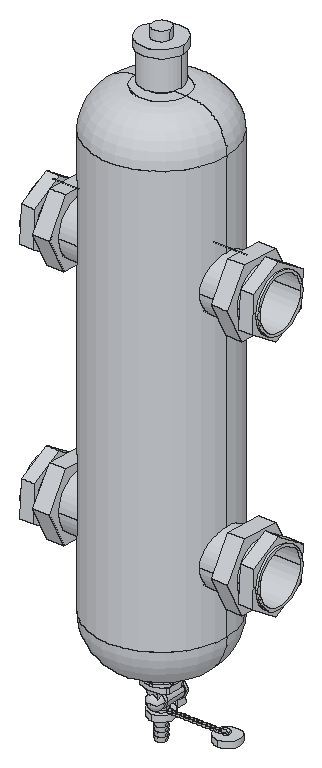
Revit family "Magnetic Dirt-Separator - R146IY005", category Plumbing Fixtures, Revit 2015
Reference planes
  plane 1 "Center (Front/Back)": y = 0
  plane 2: z = 0
  plane 3 "Center (Left/Right)": x = 0
  plane 4: z = 167
  plane 5: x = 59
  plane 6: x = -106.5
  plane 7: x = 106.5
  plane 8: x = 27.082
  plane 9: x = -27.082
  plane 10: z = 572
  plane 11: x = -59
  plane 12: z = 387
  plane 13: y = 27.082
  plane 14: y = -27.082
  plane 15: y = -59
  plane 16: y = 64
  plane 17: y = 27.082
  plane 18: y = -27.082
Forms (mm)
  Revolve 1, solid
    sketch origin (0, 0, 3) x (1, 0, 0) y (0, 0, 1)
      loop
        line (-59, 485.473) -> (-59, 99.691)
        arc (-59, 99.691) -> (-48, 71.623) -> (-20.858, 58.503) r 41.31
        line (-20.858, 58.503) -> (0, 58.503) -> (0, 521.312) -> (-23.161, 521.312)
        arc (-23.161, 521.312) -> (-48.503, 510.815) -> (-59, 485.473) r 35.839
      axis (0, 521.312) -> (0, 58.503)
    angle from 0 to 360
  Extrusion 2, solid
    sketch origin (0, 0, 564) x (1, 0, 0) y (0, 1, 0)
      loop
        circle (0, 0) r 8
    from 0 to 8
  Revolve 3, solid
    sketch origin (0, 0, 0) x (1, 0, 0) y (0, 0, 1)
      loop
        line (-5.119, 19.706) -> (-4.304, 15.76) -> (-5.119, 15.76) -> (-4.304, 11.814) -> (-5.119, 11.814) -> (-4.304, 7.868) -> (-5.119, 7.868) -> (-4.304, 3.922) -> (-5.119, 3.922) -> (-4.309, 0) -> (0, 0) -> (0, 19.706) -> (-5.119, 19.706)
      axis (0, 19.706) -> (0, 0)
    angle from 0 to 360
  Extrusion 4, solid
    sketch origin (0, 0, 51.5) x (0, -1, 0) y (1, 0, 0)
      loop
        line (-9.899, 9.899) -> (-13.523, -3.623) -> (-3.623, -13.523) -> (9.899, -9.899) -> (13.523, 3.623) -> (3.623, 13.523) -> (-9.899, 9.899)
    from -0.912 to 11.088
  Extrusion 5, solid
    sketch origin (0, 0, 43.706) x (0, -1, 0) y (1, 0, 0)
      loop
        circle (0, 0) r 11.105
      loop
        line (-8.942, -11.82) -> (-6.943, -13.221)
        arc (-6.943, -13.221) -> (0, -12.964) -> (6.943, -13.221) r 93.963
        line (6.943, -13.221) -> (8.942, -11.82)
        arc (8.942, -11.82) -> (11.789, 0) -> (8.942, 11.82) r 25.966
        line (8.942, 11.82) -> (6.943, 13.221)
        arc (6.943, 13.221) -> (0, 12.964) -> (-6.943, 13.221) r 93.963
        line (-6.943, 13.221) -> (-8.942, 11.82)
        arc (-8.942, 11.82) -> (-11.789, 0) -> (-8.942, -11.82) r 25.966
    from 0 to 5
  Extrusion 6, solid
    sketch origin (0, 0, 19.706) x (0, -1, 0) y (1, 0, 0)
      loop
        circle (0, 0) r 11
    from 0 to 4.971
  Extrusion 7, solid
    sketch origin (0, 0, 44.706) x (0, -1, 0) y (1, 0, 0)
      loop
        circle (0, 0) r 13
    from 4 to 6
  Extrusion 8, solid
    sketch origin (59.562, 0, 19.677) x (0, -1, 0) y (1, 0, 0)
      loop
        circle (0, 0) r 11
    from 0 to 5
  Extrusion 9, solid
    sketch origin (0, 10.938, -134.258) x (1, 0, 0) y (0, 0, -1)
      loop
        circle (0, -167.996) r 7.5
    from -13.595 to 5.209
  Revolve 10, solid
    sketch origin (0, -2.656, 33.727) x (0, -1, 0) y (1, 0, 0)
      loop
        line (0, 7.5) -> (0, 0) -> (10.635, 0)
        arc (10.635, 0) -> (8.319, 5.314) -> (2.95, 7.5) r 7.687
        line (2.95, 7.5) -> (0, 7.5)
      axis (0, 0) -> (10.635, 0)
    angle from 0 to 360
  Extrusion 11, solid
    sketch origin (0, 0, 14.706) x (-1, 0, 0) y (0, -1, 0)
      loop
        circle (0, 0) r 5.119
    from 9.971 to 16.528
  Revolve 12, solid
    sketch origin (0, 16.384, 33.727) x (0, 1, 0) y (-1, 0, 0)
      loop
        line (0.632, -8.291) -> (2.722, -8.291)
        arc (2.722, -8.291) -> (3.657, -4.191) -> (4.004, 0) r 29.769
        line (4.004, 0) -> (-1.726, 0) -> (-1.726, -5.865) -> (2.031, -5.865) -> (2.031, -7.491) -> (0.632, -7.491) -> (0.632, -8.291)
      axis (-1.726, 0) -> (4.004, 0)
    angle from 0 to 360
  Extrusion 13, solid
    sketch origin (4.688, 0, 0) x (0, -1, 0) y (0, 0, 1)
      loop
        line (11.329, 43.706) -> (-11.171, 43.706)
        arc (-11.171, 43.706) -> (-9.919, 40.677) -> (-9.876, 37.399) r 8.706
        line (-9.876, 37.399) -> (10.033, 37.399)
        arc (10.033, 37.399) -> (10.077, 40.677) -> (11.329, 43.706) r 8.706
    from -0.08 to 9.224
  Extrusion 14, solid
    sketch origin (1, 0, 0) x (0, -1, 0) y (0, 0, 1)
      loop
        line (-17.015, 42.013) -> (-17.015, 44.152) -> (-25.165, 44.152)
        arc (-25.165, 44.152) -> (-25.684, 43.831) -> (-25.628, 43.224) r 0.579
        line (-25.628, 43.224) -> (-20.328, 34.998)
        arc (-20.328, 34.998) -> (-19.907, 38.541) -> (-19.091, 42.013) r 31.634
        line (-19.091, 42.013) -> (-17.015, 42.013)
      loop
        line (-17.017, 25.437) -> (-19.084, 25.437)
        arc (-19.084, 25.437) -> (-19.905, 28.921) -> (-20.328, 32.476) r 31.634
        line (-20.328, 32.476) -> (-26.147, 19.717)
        arc (-26.147, 19.717) -> (-26.054, 18.428) -> (-24.921, 17.809) r 1.348
        line (-24.921, 17.809) -> (-17.017, 17.809) -> (-17.017, 25.437)
    from 0 to 2
  Extrusion 15, solid
    sketch origin (0, 0, 24.677) x (1, 0, 0) y (0, 1, 0)
      loop
        arc (9.667, 0.599) -> (7.817, 2.01) -> (5.874, 0.731) r 2.011
        arc (5.874, 0.731) -> (-0.366, 5.908) -> (-5.919, 0) r 5.919
        arc (-5.919, 0) -> (-0.366, -5.908) -> (5.874, -0.731) r 5.919
        arc (5.874, -0.731) -> (7.817, -2.01) -> (9.667, -0.599) r 2.011
        arc (9.667, -0.599) -> (11.587, -2.011) -> (13.506, -0.599) r 2.011
        arc (13.506, -0.599) -> (15.426, -2.011) -> (17.346, -0.599) r 2.011
        arc (17.346, -0.599) -> (19.265, -2.011) -> (21.185, -0.599) r 2.011
        arc (21.185, -0.599) -> (23.104, -2.011) -> (25.024, -0.599) r 2.011
        arc (25.024, -0.599) -> (26.944, -2.011) -> (28.863, -0.599) r 2.011
        arc (28.863, -0.599) -> (30.783, -2.011) -> (32.702, -0.599) r 2.011
        arc (32.702, -0.599) -> (34.622, -2.011) -> (36.541, -0.599) r 2.011
        arc (36.541, -0.599) -> (38.461, -2.011) -> (40.381, -0.599) r 2.011
        arc (40.381, -0.599) -> (42.3, -2.011) -> (44.22, -0.599) r 2.011
        arc (44.22, -0.599) -> (46.139, -2.011) -> (48.059, -0.599) r 2.011
        arc (48.059, -0.599) -> (49.979, -2.011) -> (51.898, -0.599) r 2.011
        arc (51.898, -0.599) -> (53.818, -2.011) -> (55.737, -0.599) r 2.011
        arc (55.737, -0.599) -> (57.96, -1.988) -> (59.668, 0) r 2.011
        arc (59.668, 0) -> (57.96, 1.988) -> (55.737, 0.599) r 2.011
        arc (55.737, 0.599) -> (53.818, 2.011) -> (51.898, 0.599) r 2.011
        arc (51.898, 0.599) -> (49.979, 2.011) -> (48.059, 0.599) r 2.011
        arc (48.059, 0.599) -> (46.139, 2.011) -> (44.22, 0.599) r 2.011
        arc (44.22, 0.599) -> (42.3, 2.011) -> (40.381, 0.599) r 2.011
        arc (40.381, 0.599) -> (38.461, 2.011) -> (36.541, 0.599) r 2.011
        arc (36.541, 0.599) -> (34.622, 2.011) -> (32.702, 0.599) r 2.011
        arc (32.702, 0.599) -> (30.783, 2.011) -> (28.863, 0.599) r 2.011
        arc (28.863, 0.599) -> (26.944, 2.011) -> (25.024, 0.599) r 2.011
        arc (25.024, 0.599) -> (23.104, 2.011) -> (21.185, 0.599) r 2.011
        arc (21.185, 0.599) -> (19.265, 2.011) -> (17.346, 0.599) r 2.011
        arc (17.346, 0.599) -> (15.426, 2.011) -> (13.506, 0.599) r 2.011
        arc (13.506, 0.599) -> (11.587, 2.011) -> (9.667, 0.599) r 2.011
      loop
        circle (7.748, 0) r 1.828
      loop
        circle (11.587, 0) r 1.828
      loop
        circle (15.426, 0) r 1.828
      loop
        circle (19.265, 0) r 1.828
      loop
        circle (23.104, 0) r 1.828
      loop
        circle (26.944, 0) r 1.828
      loop
        circle (30.783, 0) r 1.828
      loop
        circle (34.622, 0) r 1.828
      loop
        circle (38.461, 0) r 1.828
      loop
        circle (42.3, 0) r 1.828
      loop
        circle (46.139, 0) r 1.828
      loop
        circle (49.979, 0) r 1.828
      loop
        circle (53.818, 0) r 1.828
      loop
        circle (0, 0) r 5.119
      loop
        circle (57.657, 0) r 1.828
    from 0 to 1
  Extrusion 16, solid
    sketch origin (-1.905, 0, -3.024) x (1, 0, 0) y (0, 0, 1)
      loop
        line (55.828, 28.935) -> (63.295, 28.935) -> (63.295, 30.576)
        arc (63.295, 30.576) -> (59.562, 31.656) -> (55.828, 30.576) r 6.992
        line (55.828, 30.576) -> (55.828, 28.935)
      loop
        arc (62.495, 30.585) -> (59.562, 30.853) -> (56.628, 30.585) r 16.148
        line (56.628, 30.585) -> (56.628, 29.735) -> (62.495, 29.735) -> (62.495, 30.585)
    from -1.539 to 1.47
  Extrusion 17, solid
    sketch origin (59.562, 0, 27.373) x (0, -1, 0) y (1, 0, 0)
      loop
        circle (0, -1.905) r 1.5
    from -3.516 to -1.461
  Extrusion 18, solid
    sketch origin (-37.5, 0, 243.737) x (0, 1, 0) y (0, 0, -1)
      loop
        circle (0, -143.263) r 25
    from -144 to 69
  Extrusion 19, void
    sketch origin (0, 0, 220) x (0, 1, 0) y (0, 0, 1)
      loop
        circle (0, 167) r 23
    from -201.156 to 225
  Extrusion 20, void
    sketch origin (0, 0, 0) x (1, 0, 0) y (0, 0, 1)
      loop
        circle (0, 387) r 14
    from -70.955 to -15
  Extrusion 21, solid
    sketch origin (0, 0, 0) x (1, 0, 0) y (0, 0, -1)
      loop
        circle (0, -387) r 14
      loop
        circle (0, -387) r 16
    from 16.772 to 64
  Extrusion 22, solid
    sketch origin (-37.5, 0, 23.737) x (0, 1, 0) y (0, 0, -1)
      loop
        circle (0, -143.263) r 25
    from -144 to 69
  Extrusion 23, void
    sketch origin (0, 0, 0) x (0, 1, 0) y (0, 0, 1)
      loop
        circle (0, 167) r 23
    from -201.156 to 225
  Extrusion 24, solid
    sketch origin (104, 0, 0) x (0, 1, 0) y (0, 0, -1)
      loop
        line (1.642, -418.335) -> (27.958, -401.245) -> (26.316, -369.91) -> (-1.642, -355.665) -> (-27.958, -372.755) -> (-26.316, -404.09) -> (1.642, -418.335)
      loop
        circle (0, -387) r 25
    from 0 to 12
  Extrusion 25, solid
    sketch origin (87.5, 0, 0) x (0, 1, 0) y (0, 0, -1)
      loop
        line (-15.727, -417.865) -> (18.867, -416.052) -> (34.594, -385.187) -> (15.727, -356.135) -> (-18.867, -357.948) -> (-34.594, -388.813) -> (-15.727, -417.865)
      loop
        circle (0, -387) r 25
    from 0 to 15
  Extrusion 26, solid
    sketch origin (0, 0, 557) x (1, 0, 0) y (0, 1, 0)
      loop
        circle (0, 0) r 20
    from 0 to 7
  Extrusion 27, solid
    sketch origin (0, 0, 538.505) x (1, 0, 0) y (0, 1, 0)
      loop
        circle (0, 0) r 18
    from -9.505 to 18.495
  Extrusion 28, solid
    sketch origin (0, 0, 524) x (1, 0, 0) y (0, 1, 0)
      loop
        circle (0, 0) r 11
    from 0 to 5
  Extrusion 29, solid
    sketch origin (-104, 0, 0) x (0, 1, 0) y (0, 0, 1)
      loop
        line (1.642, 418.335) -> (-26.316, 404.09) -> (-27.958, 372.755) -> (-1.642, 355.665) -> (26.316, 369.91) -> (27.958, 401.245) -> (1.642, 418.335)
      loop
        circle (0, 387) r 25
    from 0 to 12
  Extrusion 30, solid
    sketch origin (-87.5, 0, 0) x (0, 1, 0) y (0, 0, 1)
      loop
        line (-15.727, 417.865) -> (-34.594, 388.813) -> (-18.867, 357.948) -> (15.727, 356.135) -> (34.594, 385.187) -> (18.867, 416.052) -> (-15.727, 417.865)
      loop
        circle (0, 387) r 25
    from 0 to 15
  Extrusion 31, solid
    sketch origin (104, 0, -220) x (0, 1, 0) y (0, 0, -1)
      loop
        line (1.642, -418.335) -> (27.958, -401.245) -> (26.316, -369.91) -> (-1.642, -355.665) -> (-27.958, -372.755) -> (-26.316, -404.09) -> (1.642, -418.335)
      loop
        circle (0, -387) r 25
    from 0 to 12
  Extrusion 32, solid
    sketch origin (87.5, 0, -220) x (0, 1, 0) y (0, 0, -1)
      loop
        line (-15.727, -417.865) -> (18.867, -416.052) -> (34.594, -385.187) -> (15.727, -356.135) -> (-18.867, -357.948) -> (-34.594, -388.813) -> (-15.727, -417.865)
      loop
        circle (0, -387) r 25
    from 0 to 15
  Extrusion 33, solid
    sketch origin (-104, 0, -220) x (0, 1, 0) y (0, 0, 1)
      loop
        line (1.642, 418.335) -> (-26.316, 404.09) -> (-27.958, 372.755) -> (-1.642, 355.665) -> (26.316, 369.91) -> (27.958, 401.245) -> (1.642, 418.335)
      loop
        circle (0, 387) r 25
    from 0 to 12
  Extrusion 34, solid
    sketch origin (-87.5, 0, -220) x (0, 1, 0) y (0, 0, 1)
      loop
        line (-15.727, 417.865) -> (-34.594, 388.813) -> (-18.867, 357.948) -> (15.727, 356.135) -> (34.594, 385.187) -> (18.867, 416.052) -> (-15.727, 417.865)
      loop
        circle (0, 387) r 25
    from 0 to 15
Cuts and joins
  Extrusion 19, Extrusion 20, Extrusion 23 cuts Revolve 1
  Extrusion 19, Extrusion 23 cuts Extrusion 18
  Extrusion 23 cuts Extrusion 22
Dimensions and locks
  plane 2 to plane 4 = 167 mm
  equal spacing: plane 6, plane 3 "Center (Left/Right)", plane 7
  plane 6 to plane 7 = 213 mm
  plane 2 to plane 10 = 572 mm
  plane 4 to plane 12 = 220 mm
  plane 12 to plane 10 = 185 mm
  plane 1 "Center (Front/Back)" to plane 16 = 64 mm
  plane 15 to plane 1 "Center (Front/Back)" = 59 mm
  plane 15 to plane 16 = 123 mm
  aligned and locked: level to plane 2
Automatic sketch dimensions
  plane 1 "Center (Front/Back)" to Extrusion 2 sketch curve = 0 mm
  Extrusion 2 sketch curve to plane 3 "Center (Left/Right)" = 0 mm
  Revolve 3 sketch curve to level = 0 mm  (x2)
  Revolve 3 sketch curve to plane 3 "Center (Left/Right)" = 0 mm  (x2)
  Revolve 3 sketch curve to plane 3 "Center (Left/Right)" = 4.304 mm  (x2)
  Revolve 3 sketch curve to Revolve 3 sketch curve = 0 mm  (x3)
  Revolve 3 sketch curve to Revolve 3 sketch curve = 0.005 mm
  Revolve 3 sketch curve to Revolve 3 sketch curve = 0.815 mm  (x4)
  level to Revolve 3 sketch curve = 3.922 mm
  Revolve 3 sketch curve to Revolve 3 sketch curve = 3.946 mm  (x4)
  Revolve 3 sketch curve to level = 13.856 mm
  Extrusion 4 sketch curve to plane 3 "Center (Left/Right)" = 3.623 mm
  Extrusion 4 sketch curve to plane 1 "Center (Front/Back)" = 13.523 mm
  Extrusion 4 sketch curve to plane 1 "Center (Front/Back)" = 9.899 mm
  Extrusion 4 sketch curve to plane 1 "Center (Front/Back)" = 3.623 mm
  plane 1 "Center (Front/Back)" to Extrusion 4 sketch curve = 3.623 mm
  plane 1 "Center (Front/Back)" to Extrusion 4 sketch curve = 9.899 mm
  plane 3 "Center (Left/Right)" to Extrusion 4 sketch curve = 3.623 mm
  plane 1 "Center (Front/Back)" to Extrusion 4 sketch curve = 13.523 mm
  Extrusion 4 sketch curve to plane 3 "Center (Left/Right)" = 9.899 mm
  Extrusion 4 sketch curve to plane 3 "Center (Left/Right)" = 13.523 mm
  plane 3 "Center (Left/Right)" to Extrusion 4 sketch curve = 9.899 mm
  plane 3 "Center (Left/Right)" to Extrusion 4 sketch curve = 13.523 mm
  Extrusion 5 sketch curve to plane 3 "Center (Left/Right)" = 0 mm  (x3)
  plane 1 "Center (Front/Back)" to Extrusion 5 sketch curve = 0 mm  (x3)
  Extrusion 5 sketch curve to plane 1 "Center (Front/Back)" = 6.943 mm  (x2)
  Extrusion 5 sketch curve to Extrusion 5 sketch curve = 2 mm  (x4)
  Extrusion 5 sketch curve to Extrusion 5 sketch curve = 5.235 mm  (x2)
  plane 1 "Center (Front/Back)" to Extrusion 5 sketch curve = 6.943 mm  (x2)
  Extrusion 5 sketch curve to plane 3 "Center (Left/Right)" = 11.82 mm  (x2)
  Extrusion 5 sketch curve to Extrusion 5 sketch curve = 1.4 mm  (x2)
  plane 6 to Extrusion 5 sketch curve = 0.427 mm
  Extrusion 5 sketch curve to plane 7 = 0.427 mm
  plane 1 "Center (Front/Back)" to Extrusion 6 sketch curve = 0 mm
  Extrusion 6 sketch curve to plane 3 "Center (Left/Right)" = 0 mm
  plane 1 "Center (Front/Back)" to Extrusion 7 sketch curve = 0 mm
  Extrusion 7 sketch curve to plane 3 "Center (Left/Right)" = 0 mm
  plane 1 "Center (Front/Back)" to Extrusion 8 sketch curve = 0 mm
  plane 5 to Extrusion 8 sketch curve = 0.562 mm
  Extrusion 9 sketch curve to plane 3 "Center (Left/Right)" = 0 mm
  level to Extrusion 9 sketch curve = 33.737 mm
  Revolve 10 sketch curve to plane 3 "Center (Left/Right)" = 0 mm  (x2)
  plane 1 "Center (Front/Back)" to Revolve 10 sketch curve = 2.656 mm
  Revolve 10 sketch curve to plane 3 "Center (Left/Right)" = 0.187 mm
  Revolve 10 sketch curve to Revolve 10 sketch curve = 2.95 mm
  Revolve 10 sketch curve to Revolve 10 sketch curve = 7.684 mm
  Revolve 10 sketch curve to Revolve 10 sketch curve = 0.693 mm
  Revolve 10 sketch curve to plane 1 "Center (Front/Back)" = 4.745 mm
  Extrusion 11 sketch curve to Extrusion 11 sketch curve = 0 mm  (x2)
  plane 1 "Center (Front/Back)" to Extrusion 11 sketch curve = 0 mm
  Extrusion 11 sketch curve to plane 3 "Center (Left/Right)" = 0 mm
  plane 3 "Center (Left/Right)" to Extrusion 11 sketch curve = 5.119 mm
  Revolve 12 sketch curve to plane 3 "Center (Left/Right)" = 0 mm  (x2)
  Revolve 12 sketch curve to plane 3 "Center (Left/Right)" = 0.359 mm
  plane 1 "Center (Front/Back)" to Revolve 12 sketch curve = 9.379 mm
  Revolve 12 sketch curve to plane 1 "Center (Front/Back)" = 14.658 mm
  Revolve 12 sketch curve to Revolve 12 sketch curve = 2.358 mm
  Revolve 12 sketch curve to Revolve 12 sketch curve = 1.4 mm
  Revolve 12 sketch curve to Revolve 12 sketch curve = 0.691 mm
  Revolve 12 sketch curve to Revolve 12 sketch curve = 5.73 mm
  Revolve 12 sketch curve to Revolve 12 sketch curve = 0.8 mm
  Revolve 12 sketch curve to Revolve 12 sketch curve = 1.626 mm
  Revolve 12 sketch curve to Revolve 12 sketch curve = 5.675 mm
  Revolve 12 sketch curve to Revolve 12 sketch curve = 1.033 mm
  Extrusion 13 sketch curve to plane 1 "Center (Front/Back)" = 18.447 mm
  Extrusion 13 sketch curve to Extrusion 13 sketch curve = 7.276 mm  (x2)
  Extrusion 13 sketch curve to Extrusion 13 sketch curve = 1.296 mm  (x2)
  plane 1 "Center (Front/Back)" to Extrusion 13 sketch curve = 10.033 mm
  level to Extrusion 13 sketch curve = 37.399 mm
  Extrusion 13 sketch curve to Extrusion 13 sketch curve = 1.526 mm
  Extrusion 14 sketch curve to plane 1 "Center (Front/Back)" = 26.147 mm
  Extrusion 14 sketch curve to Extrusion 14 sketch curve = 0.519 mm
  Extrusion 14 sketch curve to Extrusion 14 sketch curve = 0.463 mm
  Extrusion 14 sketch curve to Extrusion 14 sketch curve = 1.227 mm
  Extrusion 14 sketch curve to Extrusion 14 sketch curve = 5.3 mm
  Extrusion 14 sketch curve to Extrusion 14 sketch curve = 0 mm  (x2)
  Extrusion 14 sketch curve to Extrusion 14 sketch curve = 6.074 mm
  Extrusion 14 sketch curve to Extrusion 14 sketch curve = 1.244 mm
  Extrusion 14 sketch curve to Extrusion 14 sketch curve = 2.066 mm
  Extrusion 14 sketch curve to Extrusion 14 sketch curve = 2.076 mm
  plane 1 "Center (Front/Back)" to Extrusion 14 sketch curve = 11.246 mm
  level to Extrusion 14 sketch curve = 17.809 mm
  Extrusion 14 sketch curve to Extrusion 14 sketch curve = 1.348 mm
  Extrusion 14 sketch curve to Extrusion 14 sketch curve = 7.627 mm
  Extrusion 14 sketch curve to Extrusion 14 sketch curve = 7.039 mm
  Extrusion 14 sketch curve to Extrusion 14 sketch curve = 1.379 mm
  Extrusion 14 sketch curve to Extrusion 14 sketch curve = 2.522 mm
  Extrusion 14 sketch curve to Extrusion 14 sketch curve = 1.211 mm
  Extrusion 14 sketch curve to Extrusion 14 sketch curve = 0.349 mm
  Extrusion 15 sketch curve to Extrusion 15 sketch curve = 0 mm  (x180)
  plane 1 "Center (Front/Back)" to Extrusion 15 sketch curve = 0 mm  (x15)
  Extrusion 15 sketch curve to plane 3 "Center (Left/Right)" = 0 mm
  plane 3 "Center (Left/Right)" to Extrusion 15 sketch curve = 7.748 mm
  Extrusion 15 sketch curve to Extrusion 15 sketch curve = 3.839 mm  (x12)
  Extrusion 15 sketch curve to plane 5 = 1.343 mm
  Extrusion 15 sketch curve to Extrusion 15 sketch curve = 5.119 mm
  Extrusion 15 sketch curve to Extrusion 15 sketch curve = 0.8 mm
  Extrusion 15 sketch curve to plane 1 "Center (Front/Back)" = 0.731 mm
  plane 1 "Center (Front/Back)" to Extrusion 15 sketch curve = 0.731 mm
  Extrusion 15 sketch curve to Extrusion 15 sketch curve = 0.045 mm
  plane 1 "Center (Front/Back)" to Extrusion 15 sketch curve = 0.599 mm  (x12)
  Extrusion 15 sketch curve to plane 1 "Center (Front/Back)" = 0.599 mm  (x13)
  Extrusion 15 sketch curve to Extrusion 15 sketch curve = 0.183 mm  (x13)
  Extrusion 16 sketch curve to plane 5 = 5.076 mm
  Extrusion 16 sketch curve to Extrusion 16 sketch curve = 0.8 mm  (x3)
  Extrusion 16 sketch curve to plane 5 = 1.343 mm  (x2)
  plane 5 to Extrusion 16 sketch curve = 1.59 mm
  level to Extrusion 16 sketch curve = 11.681 mm
  Extrusion 16 sketch curve to Extrusion 16 sketch curve = 9.958 mm
  Extrusion 16 sketch curve to Extrusion 16 sketch curve = 4.272 mm
  Extrusion 16 sketch curve to Extrusion 16 sketch curve = 0.84 mm
  Extrusion 16 sketch curve to Extrusion 16 sketch curve = 0.009 mm
  Extrusion 17 sketch curve to Extrusion 17 sketch curve = 0 mm  (x2)
  plane 1 "Center (Front/Back)" to Extrusion 17 sketch curve = 0 mm
  Extrusion 17 sketch curve to plane 5 = 1.343 mm
  Extrusion 17 sketch curve to Extrusion 17 sketch curve = 1.5 mm
  Extrusion 18 sketch curve to plane 1 "Center (Front/Back)" = 0 mm
  Extrusion 18 sketch curve to plane 12 = 0 mm
  Extrusion 19 sketch curve to Extrusion 19 sketch curve = 0 mm  (x2)
  Extrusion 19 sketch curve to plane 12 = 0 mm
  Extrusion 19 sketch curve to plane 1 "Center (Front/Back)" = 0 mm
  plane 1 "Center (Front/Back)" to Extrusion 19 sketch curve = 23 mm
  Extrusion 20 sketch curve to plane 3 "Center (Left/Right)" = 0 mm
  Extrusion 20 sketch curve to plane 12 = 0 mm
  Extrusion 21 sketch curve to Extrusion 21 sketch curve = 0 mm  (x6)
  Extrusion 21 sketch curve to plane 12 = 0 mm
  Extrusion 21 sketch curve to plane 3 "Center (Left/Right)" = 0 mm
  Extrusion 21 sketch curve to plane 3 "Center (Left/Right)" = 16 mm
  Extrusion 22 sketch curve to plane 1 "Center (Front/Back)" = 0 mm
  Extrusion 22 sketch curve to plane 4 = 0 mm
  Extrusion 23 sketch curve to Extrusion 23 sketch curve = 0 mm  (x2)
  Extrusion 23 sketch curve to plane 4 = 0 mm
  Extrusion 23 sketch curve to plane 1 "Center (Front/Back)" = 0 mm
  plane 1 "Center (Front/Back)" to Extrusion 23 sketch curve = 23 mm
  Extrusion 24 sketch curve to plane 1 "Center (Front/Back)" = 0 mm
  Extrusion 24 sketch curve to plane 12 = 0 mm
  plane 1 "Center (Front/Back)" to Extrusion 24 sketch curve = 1.642 mm
  plane 1 "Center (Front/Back)" to Extrusion 24 sketch curve = 26.316 mm
  plane 1 "Center (Front/Back)" to Extrusion 24 sketch curve = 27.958 mm
  Extrusion 24 sketch curve to plane 1 "Center (Front/Back)" = 1.642 mm
  Extrusion 24 sketch curve to plane 1 "Center (Front/Back)" = 26.316 mm
  Extrusion 24 sketch curve to plane 1 "Center (Front/Back)" = 27.958 mm
  plane 12 to Extrusion 24 sketch curve = 14.245 mm
  plane 12 to Extrusion 24 sketch curve = 17.09 mm
  plane 12 to Extrusion 24 sketch curve = 31.335 mm
  Extrusion 24 sketch curve to plane 12 = 14.245 mm
  Extrusion 24 sketch curve to plane 12 = 17.09 mm
  Extrusion 24 sketch curve to plane 12 = 31.335 mm
  Extrusion 25 sketch curve to plane 1 "Center (Front/Back)" = 0 mm
  Extrusion 25 sketch curve to plane 12 = 0 mm
  plane 1 "Center (Front/Back)" to Extrusion 25 sketch curve = 15.727 mm
  plane 1 "Center (Front/Back)" to Extrusion 25 sketch curve = 18.867 mm
  plane 12 to Extrusion 25 sketch curve = 1.813 mm
  Extrusion 25 sketch curve to plane 15 = 24.406 mm
  Extrusion 25 sketch curve to plane 1 "Center (Front/Back)" = 15.727 mm
  Extrusion 25 sketch curve to plane 1 "Center (Front/Back)" = 18.867 mm
  Extrusion 25 sketch curve to plane 12 = 1.813 mm
  plane 16 to Extrusion 25 sketch curve = 29.406 mm
  plane 12 to Extrusion 25 sketch curve = 29.052 mm
  plane 12 to Extrusion 25 sketch curve = 30.865 mm
  Extrusion 25 sketch curve to plane 12 = 29.052 mm
  Extrusion 25 sketch curve to plane 12 = 30.865 mm
  plane 1 "Center (Front/Back)" to Extrusion 26 sketch curve = 0 mm
  Extrusion 26 sketch curve to plane 3 "Center (Left/Right)" = 0 mm
  plane 1 "Center (Front/Back)" to Extrusion 27 sketch curve = 0 mm
  Extrusion 27 sketch curve to plane 3 "Center (Left/Right)" = 0 mm
  plane 1 "Center (Front/Back)" to Extrusion 28 sketch curve = 0 mm
  Extrusion 28 sketch curve to plane 3 "Center (Left/Right)" = 0 mm
  Extrusion 29 sketch curve to plane 1 "Center (Front/Back)" = 0 mm
  Extrusion 29 sketch curve to plane 12 = 0 mm
  plane 1 "Center (Front/Back)" to Extrusion 29 sketch curve = 1.642 mm
  plane 1 "Center (Front/Back)" to Extrusion 29 sketch curve = 26.316 mm
  plane 1 "Center (Front/Back)" to Extrusion 29 sketch curve = 27.958 mm
  Extrusion 29 sketch curve to plane 1 "Center (Front/Back)" = 1.642 mm
  Extrusion 29 sketch curve to plane 1 "Center (Front/Back)" = 26.316 mm
  Extrusion 29 sketch curve to plane 1 "Center (Front/Back)" = 27.958 mm
  Extrusion 29 sketch curve to plane 12 = 14.245 mm
  Extrusion 29 sketch curve to plane 12 = 17.09 mm
  Extrusion 29 sketch curve to plane 12 = 31.335 mm
  plane 12 to Extrusion 29 sketch curve = 14.245 mm
  plane 12 to Extrusion 29 sketch curve = 17.09 mm
  plane 12 to Extrusion 29 sketch curve = 31.335 mm
  Extrusion 30 sketch curve to plane 1 "Center (Front/Back)" = 0 mm
  Extrusion 30 sketch curve to plane 12 = 0 mm
  plane 1 "Center (Front/Back)" to Extrusion 30 sketch curve = 15.727 mm
  plane 1 "Center (Front/Back)" to Extrusion 30 sketch curve = 18.867 mm
  plane 12 to Extrusion 30 sketch curve = 1.813 mm
  Extrusion 30 sketch curve to plane 15 = 24.406 mm
  Extrusion 30 sketch curve to plane 1 "Center (Front/Back)" = 15.727 mm
  Extrusion 30 sketch curve to plane 1 "Center (Front/Back)" = 18.867 mm
  Extrusion 30 sketch curve to plane 12 = 1.813 mm
  plane 16 to Extrusion 30 sketch curve = 29.406 mm
  Extrusion 30 sketch curve to plane 12 = 29.052 mm
  Extrusion 30 sketch curve to plane 12 = 30.865 mm
  plane 12 to Extrusion 30 sketch curve = 29.052 mm
  plane 12 to Extrusion 30 sketch curve = 30.865 mm
  Extrusion 31 sketch curve to plane 1 "Center (Front/Back)" = 0 mm
  Extrusion 31 sketch curve to plane 4 = 0 mm
  plane 1 "Center (Front/Back)" to Extrusion 31 sketch curve = 1.642 mm
  plane 1 "Center (Front/Back)" to Extrusion 31 sketch curve = 26.316 mm
  plane 1 "Center (Front/Back)" to Extrusion 31 sketch curve = 27.958 mm
  Extrusion 31 sketch curve to plane 1 "Center (Front/Back)" = 1.642 mm
  Extrusion 31 sketch curve to plane 1 "Center (Front/Back)" = 26.316 mm
  Extrusion 31 sketch curve to plane 1 "Center (Front/Back)" = 27.958 mm
  plane 4 to Extrusion 31 sketch curve = 14.245 mm
  plane 4 to Extrusion 31 sketch curve = 17.09 mm
  plane 4 to Extrusion 31 sketch curve = 31.335 mm
  Extrusion 31 sketch curve to plane 4 = 14.245 mm
  Extrusion 31 sketch curve to plane 4 = 17.09 mm
  Extrusion 31 sketch curve to plane 4 = 31.335 mm
  Extrusion 32 sketch curve to plane 1 "Center (Front/Back)" = 0 mm
  Extrusion 32 sketch curve to plane 4 = 0 mm
  plane 1 "Center (Front/Back)" to Extrusion 32 sketch curve = 15.727 mm
  plane 1 "Center (Front/Back)" to Extrusion 32 sketch curve = 18.867 mm
  plane 4 to Extrusion 32 sketch curve = 1.813 mm
  Extrusion 32 sketch curve to plane 15 = 24.406 mm
  Extrusion 32 sketch curve to plane 1 "Center (Front/Back)" = 15.727 mm
  Extrusion 32 sketch curve to plane 1 "Center (Front/Back)" = 18.867 mm
  Extrusion 32 sketch curve to plane 4 = 1.813 mm
  plane 16 to Extrusion 32 sketch curve = 29.406 mm
  plane 4 to Extrusion 32 sketch curve = 29.052 mm
  plane 4 to Extrusion 32 sketch curve = 30.865 mm
  Extrusion 32 sketch curve to plane 4 = 29.052 mm
  Extrusion 32 sketch curve to plane 4 = 30.865 mm
  Extrusion 33 sketch curve to plane 1 "Center (Front/Back)" = 0 mm
  Extrusion 33 sketch curve to plane 4 = 0 mm
  plane 1 "Center (Front/Back)" to Extrusion 33 sketch curve = 1.642 mm
  plane 1 "Center (Front/Back)" to Extrusion 33 sketch curve = 26.316 mm
  plane 1 "Center (Front/Back)" to Extrusion 33 sketch curve = 27.958 mm
  Extrusion 33 sketch curve to plane 1 "Center (Front/Back)" = 1.642 mm
  Extrusion 33 sketch curve to plane 1 "Center (Front/Back)" = 26.316 mm
  Extrusion 33 sketch curve to plane 1 "Center (Front/Back)" = 27.958 mm
  Extrusion 33 sketch curve to plane 4 = 14.245 mm
  Extrusion 33 sketch curve to plane 4 = 17.09 mm
  Extrusion 33 sketch curve to plane 4 = 31.335 mm
  plane 4 to Extrusion 33 sketch curve = 14.245 mm
  plane 4 to Extrusion 33 sketch curve = 17.09 mm
  plane 4 to Extrusion 33 sketch curve = 31.335 mm
  Extrusion 34 sketch curve to plane 1 "Center (Front/Back)" = 0 mm
  Extrusion 34 sketch curve to plane 4 = 0 mm
  plane 1 "Center (Front/Back)" to Extrusion 34 sketch curve = 15.727 mm
  plane 1 "Center (Front/Back)" to Extrusion 34 sketch curve = 18.867 mm
  plane 4 to Extrusion 34 sketch curve = 1.813 mm
  Extrusion 34 sketch curve to plane 15 = 24.406 mm
  Extrusion 34 sketch curve to plane 1 "Center (Front/Back)" = 15.727 mm
  Extrusion 34 sketch curve to plane 1 "Center (Front/Back)" = 18.867 mm
  Extrusion 34 sketch curve to plane 4 = 1.813 mm
  plane 16 to Extrusion 34 sketch curve = 29.406 mm
  Extrusion 34 sketch curve to plane 4 = 29.052 mm
  Extrusion 34 sketch curve to plane 4 = 30.865 mm
  plane 4 to Extrusion 34 sketch curve = 29.052 mm
  plane 4 to Extrusion 34 sketch curve = 30.865 mm
  Revolve 1 sketch curve to plane 3 "Center (Left/Right)" = 0 mm  (x2)
  Revolve 1 sketch curve to plane 3 "Center (Left/Right)" = 17.691 mm
  Revolve 1 sketch curve to Revolve 1 sketch curve = 20.858 mm
  Revolve 1 sketch curve to Revolve 1 sketch curve = 23.161 mm
  Revolve 1 sketch curve to plane 11 = 0 mm
  level to Revolve 1 sketch curve = 61.503 mm
  Revolve 1 sketch curve to plane 10 = 83.527 mm
  Revolve 1 sketch curve to plane 12 = 94 mm
  Revolve 1 sketch curve to Revolve 1 sketch curve = 31.473 mm
  radius of Extrusion 2 sketch curve = 8 mm
  radius of Extrusion 5 sketch curve = 11.105 mm
  radius of Extrusion 6 sketch curve = 11 mm
  radius of Extrusion 7 sketch curve = 13 mm
  radius of Extrusion 8 sketch curve = 11 mm
  radius of Extrusion 9 sketch curve = 7.5 mm
  radius of Extrusion 18 sketch curve = 25 mm
  radius of Extrusion 20 sketch curve = 14 mm
  radius of Extrusion 21 sketch curve = 14 mm
  radius of Extrusion 22 sketch curve = 25 mm
  radius of Extrusion 24 sketch curve = 25 mm
  radius of Extrusion 25 sketch curve = 25 mm
  radius of Extrusion 26 sketch curve = 20 mm
  radius of Extrusion 27 sketch curve = 18 mm
  radius of Extrusion 28 sketch curve = 11 mm
  radius of Extrusion 29 sketch curve = 25 mm
  radius of Extrusion 30 sketch curve = 25 mm
  radius of Extrusion 31 sketch curve = 25 mm
  radius of Extrusion 32 sketch curve = 25 mm
  radius of Extrusion 33 sketch curve = 25 mm
  radius of Extrusion 34 sketch curve = 25 mm
